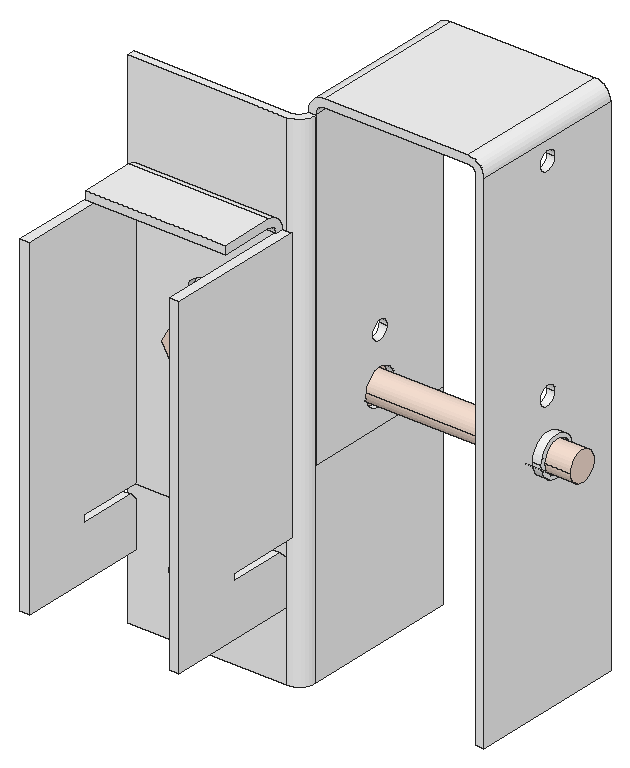
Revit family "KIRIIアングルクランプ(C75用)_逆", category 機械設備, Revit 2022
Family settings
  丸型コネクタ寸法 = 直径を使用
  種別 = なし
  パーツ タイプ = 標準
  作業面ベース = いいえ
  常に垂直 = はい
  ロード時にボイドで切り取り = いいえ
  注釈の向きを維持 = いいえ
  共有 = いいえ
  部屋計算ポイント = いいえ
Parameters
  製造元 = "株式会社桐井製作所"
  既定の高さ = 0 mm
  URL = "https://www.kirii.co.jp/"
  K_許容荷重(水平)野縁方向(N) = 640
  K_許容荷重(水平)野縁受け方向(N) = 850
  K_許容荷重(引張)(N) = 1670
  K_許容荷重(圧縮)(N) = 1710
  K_板厚(mm) = 2.3 mm
  K_品名 = "KIRIIアングルクランプ(C75用)逆"
  K_名称 = "支持構造部接合金具"
  K_剛性(野縁方向)(N/mm) = 512
  K_剛性(野縁受け方向)(N/mm) = 311
  K_バージョン情報 = "20250901"
Reference planes
  plane 1 "中心(正面/背面)": y = 0
  plane 2: z = 0
  plane 3 "中心(左/右)": x = 0
  plane 4: x = 10
  plane 5: x = -10
Forms (mm)
  Extrusion 1, solid
    sketch origin (0, 0, 80) x (1, 0, 0) y (0, 0, 1)
      loop
        line (0, -80) -> (2.3, -80) -> (2.3, 65.4)
        arc (2.3, 65.4) -> (0.953, 68.653) -> (-2.3, 70) r 4.6
        line (-2.3, 70) -> (-43.2, 70)
        arc (-43.2, 70) -> (-46.453, 68.653) -> (-47.8, 65.4) r 4.6
        line (-47.8, 65.4) -> (-47.8, -24.3) -> (-45.5, -24.3) -> (-45.5, 65.4)
        arc (-45.5, 65.4) -> (-44.826, 67.026) -> (-43.2, 67.7) r 2.3
        line (-43.2, 67.7) -> (-2.3, 67.7)
        arc (-2.3, 67.7) -> (-0.674, 67.026) -> (0, 65.4) r 2.3
        line (0, 65.4) -> (0, -80)
    from 0 to -45
  Extrusion 2, void
    sketch origin (0, 0, 80) x (0, 1, 0) y (0, 0, 1)
      loop
        circle (22.5, -14.3) r 5.25
      loop
        circle (22.5, 60.2) r 2.75
      loop
        circle (22.5, 0.2) r 2.75
    from -45.5 to -47.8
  Extrusion 3, void
    sketch origin (0, 0, 80) x (0, 1, 0) y (0, 0, 1)
      loop
        circle (22.5, -14.3) r 5.25
      loop
        circle (22.5, 60.2) r 2.75
      loop
        circle (22.5, 0.2) r 2.75
    from 2.3 to 0
  Extrusion 4, solid
    sketch origin (0, 0, 80) x (0, 1, 0) y (0, 0, 1)
      loop
        circle (22.5, -14.3) r 5.548
      loop
        circle (22.5, -14.3) r 4.5
    from 2.3 to 5
  Extrusion 5, solid
    sketch origin (0, 0, 80) x (1, 0, 0) y (0, 1, 0)
      loop
        line (-45.5, -0.4) -> (-45.5, 45) -> (-47.8, 45) -> (-47.8, -0.4)
        arc (-47.8, -0.4) -> (-48.474, -2.026) -> (-50.1, -2.7) r 2.3
        line (-50.1, -2.7) -> (-95.5, -2.7) -> (-95.5, -5) -> (-50.1, -5)
        arc (-50.1, -5) -> (-46.847, -3.653) -> (-45.5, -0.4) r 4.6
    from 65 to -80
  Extrusion 6, solid
    sketch origin (-96.386, 0, 80) x (0, 1, 0) y (0, 0, 1)
      loop
        arc (-5, 36) -> (-6.347, 39.253) -> (-9.6, 40.6) r 4.6
        line (-9.6, 40.6) -> (-25, 40.6) -> (-25, 38.3) -> (-9.6, 38.3)
        arc (-9.6, 38.3) -> (-7.974, 37.626) -> (-7.3, 36) r 2.3
        line (-7.3, 36) -> (-7.3, -42) -> (-5, -42) -> (-5, 36)
    from 5 to 45
  Extrusion 7, solid
    sketch origin (-96.386, 0, 80) x (1, 0, 0) y (0, 0, 1)
      loop
        line (2.3, 36) -> (2.3, -59) -> (5, -59) -> (5, 36) -> (2.3, 36)
      loop
        line (45, 36) -> (45, -59) -> (47.7, -59) -> (47.7, 36) -> (45, 36)
    from 5 to 45
  Extrusion 8, void
    sketch origin (-96.386, 0, 80) x (0, 1, 0) y (0, 0, 1)
      loop
        line (-25.5, -42) -> (-25.5, -44) -> (-9, -44) -> (-7, -46) -> (-7, -59) -> (-5, -59) -> (-5, -42) -> (-25.5, -42)
    from 50 to 0
  Extrusion 9, void
    sketch origin (-96.386, 0, 80) x (1, 0, 0) y (0, 0, 1)
      loop
        circle (25, 0) r 4.5
    from 5 to 2.7
  Extrusion 10, void
    sketch origin (-96.386, 0, 80) x (1, 0, 0) y (0, 0, 1)
      loop
        arc (30.25, 12.25) -> (28.712, 15.962) -> (25, 17.5) r 5.25
        arc (25, 17.5) -> (21.288, 15.962) -> (19.75, 12.25) r 5.25
        line (19.75, 12.25) -> (19.75, -12.25)
        arc (19.75, -12.25) -> (21.288, -15.962) -> (25, -17.5) r 5.25
        arc (25, -17.5) -> (28.712, -15.962) -> (30.25, -12.25) r 5.25
        line (30.25, -12.25) -> (30.25, 12.25)
    from 7.3 to 5
  Extrusion 11, void
    sketch origin (-96.386, 0, 80) x (1, 0, 0) y (0, 0, 1)
      loop
        circle (25, -32) r 2.25
    from 7.3 to 5
  Extrusion 12, void
    sketch origin (-96.386, 0, 0) x (1, 0, 0) y (0, 0, 1)
      loop
        circle (15, 17.6) r 2.25
      loop
        circle (40, 17.6) r 2.25
    from 5 to 2.7
  Extrusion 13, solid
    sketch origin (-96.386, 0, 80) x (1, 0, 0) y (0, 0, 1)
      loop
        circle (25, 0) r 5
      loop
        circle (25, 0) r 4.5
    from 2.7 to 0
Cuts and joins
  Extrusion 2, Extrusion 3 cuts Extrusion 1
  joined: Extrusion 1, Extrusion 4
  Extrusion 8, Extrusion 10, Extrusion 11 cuts Extrusion 6
  Extrusion 8 cuts Extrusion 7
  Extrusion 2, Extrusion 9, Extrusion 10, Extrusion 12 cuts Extrusion 5
Dimensions and locks
  aligned and locked: level to plane 2
Nested families
  nested 1: "M10×60ボルト" at (-51.797, 22.525, 65.631) x (0, 1, 0) z (0, 0, 1), type "M10×60ボルト"
  nested 2: "M10×25ボルト" at (-71.468, -11.3, 80) x (-1, 0, 0) z (0, 0, 1), type "M10×25ボルト"
Definition of nested family "M10×60ボルト"
  Parameters (values of type "M10×60ボルト")
    Manufacturer = "株式会社桐井製作所"
    Default Elevation = 0 mm
    URL = "https://www.kirii.co.jp/"
    K_材料規格 = "M10×L60"
    K_品名 = "M10×60ボルト"
    K_名称 = "M10×60ボルト"
    K_備考 = "KIRIIアングルクランプ付属品"
  Reference planes
    plane 1 "中心(正面/背面)": y = 0
    plane 2: z = 0
    plane 3 "中心(左/右)": x = 0
    plane 4: x = 8
    plane 5: x = -8
    plane 6 "正面": y = -4
    plane 7: z = 8
    plane 8: z = -8
  Forms (mm)
    Extrusion 1, solid
      sketch origin (0, 0, 0) x (1, 0, 0) y (0, 0, 1)
        loop
          line (-4.619, 8) -> (-9.238, 0) -> (-4.619, -8) -> (4.619, -8) -> (9.238, 0) -> (4.619, 8) -> (-4.619, 8)
      from 0 to 4
    Extrusion 2, solid
      sketch origin (0, 0, 25.676) x (1, 0, 0) y (0, 0, 1)
        loop
          circle (0, -25.676) r 4.1
      from 4 to 64
  Cuts and joins
    joined: Extrusion 1, Extrusion 2
  Lines and regions (mm)
    model lines
      curve 1: circle (0, 0, 0) r 8 normal (0, -1, 0)
  Dimensions and locks
    aligned and locked: level to plane 2
Definition of nested family "M10×25ボルト"
  Parameters (values of type "M10×25ボルト")
    Manufacturer = "株式会社桐井製作所"
    Default Elevation = 0 mm
    URL = "https://www.kirii.co.jp/"
    K_材料規格 = "M10×L25"
    K_品名 = "M10×25ボルト"
    K_名称 = "M10×25ボルト"
    K_備考 = "KIRIIアングルクランプ付属品"
  Reference planes
    plane 1 "中心(正面/背面)": y = 0
    plane 2: z = 0
    plane 3 "中心(左/右)": x = 0
    plane 4: x = 8
    plane 5: x = -8
    plane 6 "正面": y = -4
    plane 7: z = 8
    plane 8: z = -8
  Forms (mm)
    Extrusion 1, solid
      sketch origin (0, 0, 0) x (1, 0, 0) y (0, 0, 1)
        loop
          line (-4.619, 8) -> (-9.238, 0) -> (-4.619, -8) -> (4.619, -8) -> (9.238, 0) -> (4.619, 8) -> (-4.619, 8)
      from 0 to 4
    Extrusion 2, solid
      sketch origin (0, 0, 25.676) x (1, 0, 0) y (0, 0, 1)
        loop
          circle (0, -25.676) r 4.1
      from 4 to 29
  Cuts and joins
    joined: Extrusion 1, Extrusion 2
  Lines and regions (mm)
    model lines
      curve 1: circle (0, 0, 0) r 8 normal (0, -1, 0)
  Dimensions and locks
    aligned and locked: level to plane 2
